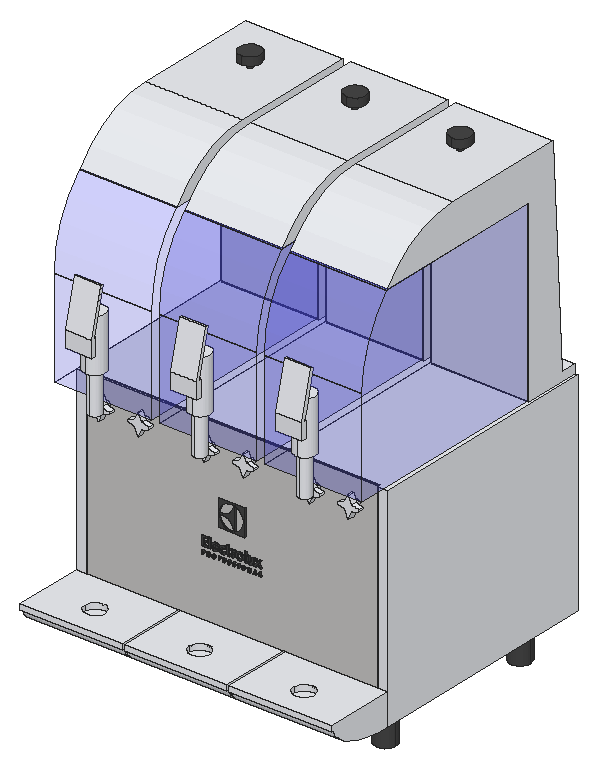
Revit family "QF_ELECTROLUXPROFESSIONAL_562507_IPRO3MR290", category Attrezzature speciali, Revit 2020
Family settings
  Quota connettore circolare = Usa diametro
  Tipo di parte = Normale
  Basato su piano di lavoro = No
  Sempre verticale = Sì
  Taglio con vuoti quando caricato = No
  Condiviso = No
  Punto di calcolo locali = No
Parameters (values of type "Standard")
  Weight = 81.00 kg
  Watts = 1360 W
  Volts = 220 V
  URL Manufacturer = "https://www.electroluxprofessional.com/"
  URL = "https://www.electroluxprofessional.com/"
  Steam Supply Size = 0 mm
  Steam Supply Minimum Pressure = 0.0 Pa
  Steam Supply Maximum Pressure = 0.0 Pa
  Steam Consumption per Hour = 0
  Show Logo [instance] = yes
  Show Clearance [instance] = yes
  Refrigeration Suction Line Size = 0 mm
  Refrigeration Liquid Line Size = 0 mm
  Refrigerant Compressor Remote = yes
  Prospetto di default = 0 mm
  Produttore = "Electrolux Professional"
  Phase = 1
  Modello = "IPRO3MR290"
  Length Actual = 600 mm  # constant formula
  Item Number = "562507"
  Hot Water Size = 0 mm
  Height Actual = 870 mm  # constant formula
  HP = "1.8 HP"
  Gas Size = 0 mm
  Gas KW = 0
  Gas Input Pressure = 0 W
  Direct Waste Size = 0 mm
  Descrizione = "3X11 LT BOWL - FROZEN GRANITA DISPENSER - MECHANICAL CONTROL - 3 INSULATED BOWLS - WHITE, R290"
  Depth Actual = 580 mm  # constant formula
  Cycle = 50 Hz
  Condensate Return Size = 0 mm
  Compressed Air Volume = 0.0 L/s
  Compressed Air Size = 0 mm
  Compressed Air Pressure = 0.0 Pa
  Cold Water Size = 0 mm
  Accessory = yes
Reference planes
  plane 1: z = 0
  plane 2 "LEFT": x = -300
  plane 3 "BACK": y = 282.5
  plane 4 "FRONT": y = -301.5
  plane 5: z = 873
  plane 6 "RIGHT": x = 300
  plane 7: y = -282.5
  plane 8: z = 445
  plane 9: z = 677.97
  plane 10: z = 110
  plane 11: z = 900
  plane 12: x = -0.5
  plane 13: x = -0.5
Forms (mm)
  Extrusion 1, solid, material "QF_Finishes_White"
    sketch origin (0, 0, 0) x (1, 0, 0) y (0, 1, 0)
      loop
        line (-296.5, 282.5) -> (-296.5, -167.5) -> (-276.5, -167.5) -> (-276.5, -162.5) -> (276.5, -162.5) -> (276.5, -167.5) -> (296.5, -167.5) -> (296.5, 282.5) -> (-296.5, 282.5)
    from 50 to 453
  Extrusion 2, solid, material "QF_Finishes_Stainless Steel"
    sketch origin (0, 0, 0) x (1, 0, 0) y (0, 1, 0)
      loop
        line (276, -163) -> (-276, -163) -> (-276, -167.5) -> (276, -167.5) -> (276, -163)
    from 110 to 453
  Extrusion 3, solid, material "QF_Finishes_Stainless Steel"
    sketch origin (-151.596, -267.273, 48) x (0, -1, 0) y (1, 0, 0)
      loop
        line (-163.023, 407.596) -> (-163.023, 427.596) -> (-183.023, 427.596) -> (-183.023, 407.596) -> (-163.023, 407.596)
    from 0 to 2
Dimensions and locks
  plane 3 "BACK" to plane 4 "FRONT" = 584 mm  (x2)
  plane 5 to level = 873 mm  (x2)
  plane 2 "LEFT" to plane 6 "RIGHT" = 600 mm
  plane 3 "BACK" to plane 7 = 565 mm
  plane 9 to plane 8 = 232.97 mm
  level to plane 11 = 900 mm
  plane 10 to level = 110 mm
  plane 8 to plane 10 = 335 mm
  plane 6 "RIGHT" to plane 2 "LEFT" = 600 mm
  plane 2 "LEFT" to plane 12 = 299.5 mm
  plane 2 "LEFT" to plane 13 = 299.5 mm
  nested 5 to nested 9 = 200 mm
  nested 9 to nested 17 = 200 mm
  aligned and locked: level to plane 1
Nested families
  nested 1: "BOCCHETTONE BEVERAGE" at (-200.5, -260.625, 445), type "BOCCHETTONE BEVERAGE"
  nested 2: "MANOPOLA BEVERAGE" at (-238, -167.5, 413) x (0, 0, 1) z (0, -1, 0), type "MANOPOLA BEVERAGE"
  nested 3: "MANOPOLA BEVERAGE" at (-163, -167.5, 413) x (0, 0, 1) z (0, -1, 0), type "MANOPOLA BEVERAGE"
  nested 4: "MANOPOLA APERTURA BEVERAGE " at (-200.5, 125, 873) x (0, 1, 0) z (0, 0, 1), type "MANOPOLA APERTURA BEVERAGE "
  nested 5: "PORTAGRANITE BEVERAGE" at (-200.5, 28.972, 453), type "PORTAGRANITE BEVERAGE"
  nested 6: "VASCHETTA BEVERAGE" at (-199.25, -167.5, 80) x (1, 0, 0) z (0, -1, 0), type "VASCHETTA BEVERAGE"
  nested 7: "VASCHETTA BEVERAGE" at (-0.5, -167.5, 80) x (-1, 0, 0) z (0, -1, 0), type "VASCHETTA BEVERAGE"
  nested 8: "MANOPOLA APERTURA BEVERAGE " at (-0.5, 125, 873) x (0, 1, 0) z (0, 0, 1), type "MANOPOLA APERTURA BEVERAGE "
  nested 9: "PORTAGRANITE BEVERAGE" at (-0.5, 28.972, 453) x (-1, 0, 0) z (0, 0, 1), type "PORTAGRANITE BEVERAGE"
  nested 10: "BOCCHETTONE BEVERAGE" at (-0.5, -260.625, 445), type "BOCCHETTONE BEVERAGE"
  nested 11: "MANOPOLA BEVERAGE" at (-38, -167.5, 413) x (0, 0, 1) z (0, -1, 0), type "MANOPOLA BEVERAGE"
  nested 12: "MANOPOLA BEVERAGE" at (37, -167.5, 413) x (0, 0, 1) z (0, -1, 0), type "MANOPOLA BEVERAGE"
  nested 13: "BOCCHETTONE BEVERAGE" at (199.5, -260.625, 445) x (-1, 0, 0) z (0, 0, 1), type "BOCCHETTONE BEVERAGE"
  nested 14: "MANOPOLA BEVERAGE" at (237, -167.5, 413) x (0, 0, 1) z (0, -1, 0), type "MANOPOLA BEVERAGE"
  nested 15: "MANOPOLA BEVERAGE" at (162, -167.5, 413) x (0, 0, 1) z (0, -1, 0), type "MANOPOLA BEVERAGE"
  nested 16: "MANOPOLA APERTURA BEVERAGE " at (199.5, 125, 873) x (0, 1, 0) z (0, 0, 1), type "MANOPOLA APERTURA BEVERAGE "
  nested 17: "PORTAGRANITE BEVERAGE" at (199.5, 28.972, 453) x (-1, 0, 0) z (0, 0, 1), type "PORTAGRANITE BEVERAGE"
  nested 18: "VASCHETTA BEVERAGE" at (198.25, -167.5, 80) x (-1, 0, 0) z (0, -1, 0), type "VASCHETTA BEVERAGE"
  nested 19: "ELXP_LOGO_ONLY_MEDIUM" at (-0.5, -167.5, 303) x (1, 0, 0) z (0, -1, 0), Show Logo <- "Show Logo", visible <- "Show Logo", type "ELXP_LOGO_ONLY_MEDIUM"
    with Show Logo yes
  nested 20: "ELX_LOGO_WORDS_MEDIUM" at (-0.5, -167.5, 238) x (1, 0, 0) z (0, -1, 0), visible <- "Show Logo", Show Logo <- "Show Logo", type "ELX_LOGO_WORDS_MEDIUM"
    with Show Logo yes
  nested 21: "Piedino 50x40 BEVERAGE" at (-266, 184.5, 0), type "Piedino 50x40 BEVERAGE"
    with H 150 mm
  nested 22: "Piedino 50x40 BEVERAGE" at (-266, -135.5, 0), type "Piedino 50x40 BEVERAGE"
    with H 150 mm
  nested 23: "Piedino 50x40 BEVERAGE" at (266, 184.5, 0), type "Piedino 50x40 BEVERAGE"
    with H 150 mm
  nested 24: "Piedino 50x40 BEVERAGE" at (266, -135.5, 0), type "Piedino 50x40 BEVERAGE"
    with H 150 mm
Connectors
  electrical at (266, -94.25, 48), driven by "Volts"
    settings: on Extrusion 3, index 73, voltage 220 V, apparent load 0 VA, apparent load phase1 0 VA, apparent load phase2 0 VA, apparent load phase3 0 VA, power factor 1, load classification "Altro", number of poles 1, system type 30, power factor state 1, is connector primary yes, connector utility no, sub classification motor no, connector description "Electrical Connection"
Definition of nested family "BOCCHETTONE BEVERAGE"
  Parameters (values of type "BOCCHETTONE BEVERAGE")
    Default Elevation = 1219.2 mm
  Reference planes
    plane 1 "Centro (Fronte/Retro)": y = 0
    plane 2: z = 0
    plane 3 "Centro (Sinistra/Destra)": x = 0
    plane 4: z = 233
    plane 5: y = -22
  Forms (mm)
    Extrusion 1, solid
      sketch origin (0, 0, 0) x (1, 0, 0) y (0, 1, 0)
        loop
          line (-1219.2, 1219.2) -> (-1219.2, -1219.2) -> (1219.2, -1219.2) -> (1219.2, 1219.2) -> (-1219.2, 1219.2)
      from 0 to -304.8
    Extrusion 2, solid
      sketch origin (0, 15.961, 0) x (0, -1, 0) y (1, 0, 0)
        loop
          circle (0, 0) r 12
      from 0 to 75
    Extrusion 3, solid
      sketch origin (0, 15.961, 75) x (0, -1, 0) y (1, 0, 0)
        loop
          circle (0, 0) r 20
      from 0 to 100
    Extrusion 4, void
      sketch origin (0, 0, 0) x (1, 0, 0) y (0, 1, 0)
        loop
          line (-27.179, -16.141) -> (-21.226, -10.188) -> (-6.226, -10.188) -> (-6.226, 12.684) -> (-27.179, 12.684) -> (-27.179, -16.141)
        loop
          line (27.179, -16.141) -> (27.179, 12.684) -> (6.226, 12.684) -> (6.226, -10.188) -> (21.226, -10.188) -> (27.179, -16.141)
      from 104.337 to 159.894
    Extrusion 5, solid
      sketch origin (25, 15.961, 29.221) x (0, -1, 0) y (0, 0, 1)
        loop
          line (11.922, 118.779) -> (11.922, 88.779) -> (37.961, 88.779) -> (37.961, 119.393) -> (16.929, 203.749) -> (12.077, 202.539) -> (32.961, 118.779) -> (11.922, 118.779)
      from 0 to 50
  Cuts and joins
    Extrusion 4 cuts Extrusion 5
    joined: Extrusion 3, Extrusion 5
  Dimensions and locks
    Extrusion 1 to plane 4 = 233 mm
    aligned and locked: plane 2 to Extrusion 1
    aligned and locked: level to Extrusion 1
Definition of nested family "MANOPOLA BEVERAGE"
  Parameters (values of type "MANOPOLA BEVERAGE")
    Default Elevation = 1219.2 mm
  Reference planes
    plane 1 "Centro (Fronte/Retro)": y = 0
    plane 2: z = 0
    plane 3 "Centro (Sinistra/Destra)": x = 0
    plane 4: z = 20
  Forms (mm)
    Extrusion 1, solid
      sketch origin (0, 0, 0) x (1, 0, 0) y (0, 1, 0)
        loop
          line (-1219.2, 1219.2) -> (-1219.2, -1219.2) -> (1219.2, -1219.2) -> (1219.2, 1219.2) -> (-1219.2, 1219.2)
      from 0 to -304.8
    Extrusion 2, solid
      sketch origin (0, 0, 10) x (1, 0, 0) y (0, 1, 0)
        loop
          line (-20, -1.333) -> (-6.314, -6.314) -> (-1.333, -20) -> (1.333, -20) -> (6.314, -6.314) -> (20, -1.333) -> (20, 1.333) -> (6.314, 6.314) -> (1.333, 20) -> (-1.333, 20) -> (-6.314, 6.314) -> (-20, 1.333) -> (-20, -1.333)
      from 0 to 10
    Extrusion 3, solid
      sketch origin (0, 0, 0) x (1, 0, 0) y (0, 1, 0)
        loop
          circle (0, 0) r 5
      from 0 to 10
  Dimensions and locks
    aligned and locked: plane 2 to Extrusion 1
    aligned and locked: level to Extrusion 1
Definition of nested family "MANOPOLA APERTURA BEVERAGE "
  Parameters (values of type "MANOPOLA APERTURA BEVERAGE ")
    Default Elevation = 1219.2 mm
  Reference planes
    plane 1 "Centro (Fronte/Retro)": y = 0
    plane 2: z = 0
    plane 3 "Centro (Sinistra/Destra)": x = 0
    plane 4: z = 27
  Forms (mm)
    Extrusion 1, solid
      sketch origin (0, 0, 0) x (1, 0, 0) y (0, 1, 0)
        loop
          line (-1219.2, 1219.2) -> (-1219.2, -1219.2) -> (1219.2, -1219.2) -> (1219.2, 1219.2) -> (-1219.2, 1219.2)
      from 0 to -304.8
    Extrusion 2, solid
      sketch origin (0, 0, 0) x (1, 0, 0) y (0, 1, 0)
        loop
          circle (0, 0) r 5
      from 0 to 12
    Extrusion 3, solid
      sketch origin (0, 0, 12) x (1, 0, 0) y (0, 1, 0)
        loop
          circle (0, 0) r 20
      from 0 to 15
  Dimensions and locks
    Extrusion 1 to plane 4 = 27 mm
    aligned and locked: plane 2 to Extrusion 1
    aligned and locked: level to Extrusion 1
Definition of nested family "PORTAGRANITE BEVERAGE"
  Parameters (values of type "PORTAGRANITE BEVERAGE")
    Default Elevation = 1219.2 mm
  Reference planes
    plane 1 "Centro (Fronte/Retro)": y = 0
    plane 2: z = 0
    plane 3 "Centro (Sinistra/Destra)": x = 0
    plane 4: z = 233
    plane 5: y = -36.472
    plane 6: z = 338
  Forms (mm)
    Extrusion 1, solid
      sketch origin (0, 0, 0) x (1, 0, 0) y (0, 1, 0)
        loop
          line (-1219.2, 1219.2) -> (-1219.2, -1219.2) -> (1219.2, -1219.2) -> (1219.2, 1219.2) -> (-1219.2, 1219.2)
      from 0 to -304.8
    Extrusion 2, solid
      sketch origin (-92.5, -28.972, -376) x (0, 1, 0) y (0, 0, 1)
        loop
          line (172.5, 716) -> (172.5, 376) -> (282.5, 376) -> (282.5, 393) -> (251.241, 393) -> (230.12, 796) -> (-7.5, 796)
          arc (-7.5, 796) -> (-94.678, 774.819) -> (-162.419, 716) r 190
          line (-162.419, 716) -> (172.5, 716)
      from 0 to 185
    Extrusion 3, solid
      sketch origin (-100, -28.972, -376) x (0, 1, 0) y (0, 0, 1)
        loop
          line (170.5, 378) -> (170.5, 714) -> (-164.355, 714)
          arc (-164.355, 714) -> (-209.023, 644.734) -> (-224.664, 563.812) r 217.164
          line (-224.664, 563.812) -> (-224.664, 378) -> (170.5, 378)
      from 7.5 to 192.5
  Dimensions and locks
    Extrusion 1 to plane 4 = 233 mm
    aligned and locked: plane 2 to Extrusion 1
    aligned and locked: level to Extrusion 1
Definition of nested family "VASCHETTA BEVERAGE"
  Parameters (values of type "VASCHETTA BEVERAGE")
    Default Elevation = 1219.2 mm
  Reference planes
    plane 1 "Centro (Fronte/Retro)": y = 0
    plane 2: z = 0
    plane 3 "Centro (Sinistra/Destra)": x = 0
  Forms (mm)
    Extrusion 1, solid
      sketch origin (0, 0, 0) x (1, 0, 0) y (0, 1, 0)
        loop
          line (-1219.2, 1219.2) -> (-1219.2, -1219.2) -> (1219.2, -1219.2) -> (1219.2, 1219.2) -> (-1219.2, 1219.2)
      from 0 to -304.8
    Extrusion 2, solid
      sketch origin (-97.5, -80, -167.5) x (0, 0, -1) y (0, 1, 0)
        loop
          line (-167.5, 110) -> (-301.5, 110) -> (-301.5, 100) -> (-296.403, 100)
          spline (-296.403, 100) -> (-294.717, 93.399) -> (-290.961, 86.937) -> (-285.195, 80.722) -> (-277.513, 74.853) -> (-268.041, 69.426) -> (-256.932, 64.529) -> (-244.367, 60.243) -> (-230.551, 56.637) -> (-215.709, 53.769) -> (-200.082, 51.686) -> (-183.925, 50.423) -> (-167.5, 50)
          line (-167.5, 50) -> (-167.5, 110)
      from 0 to 195
    Extrusion 3, void
      sketch origin (202.5, -80, -167.5) x (1, 0, 0) y (0, 0, -1)
        loop
          circle (-202.5, -244.664) r 20
      from 100 to 110
  Cuts and joins
    Extrusion 3 cuts Extrusion 2
  Dimensions and locks
    aligned and locked: plane 2 to Extrusion 1
    aligned and locked: level to Extrusion 1
Definition of nested family "ELXP_LOGO_ONLY_MEDIUM"
  Parameters (values of type "ELXP_LOGO_ONLY_MEDIUM")
    Show Logo [instance] = yes
    Default Elevation = 0 mm
  Reference planes
    plane 1 "Centro (Fronte/Retro)": y = 0
    plane 2: z = 0
    plane 3 "Centro (Sinistra/Destra)": x = 0
  Forms (mm)
    Extrusion 1, solid
      sketch origin (0, 0, 0) x (1, 0, 0) y (0, 1, 0)
        loop
          line (-1219.2, 1219.2) -> (-1219.2, -1219.2) -> (1219.2, -1219.2) -> (1219.2, 1219.2) -> (-1219.2, 1219.2)
      from 0 to -304.8
    Extrusion 2, solid, visible <- "Show Logo"
      sketch origin (15.862, -72.798, 0) x (1, 0, 0) y (0, 1, 0)
        loop
          line (-40.901, 47.952) -> (9.138, 47.952) -> (9.138, 97.923) -> (-40.901, 97.923) -> (-40.901, 47.952)
        loop
          line (-9.2, 95.47) -> (-9.2, 50.507)
          arc (-9.2, 50.507) -> (7.421, 72.988) -> (-9.2, 95.47) r 23.515
        loop
          line (-11.486, 92.214) -> (-11.486, 95.47)
          arc (-11.486, 95.47) -> (-30.185, 91.22) -> (-39.194, 74.292) r 23.044
          line (-39.194, 74.292) -> (-31.756, 74.292)
          arc (-31.756, 74.292) -> (-18.467, 79.686) -> (-11.486, 92.214) r 21.599
        loop
          arc (-39.194, 71.685) -> (-30.2, 54.618) -> (-11.486, 49.93) r 23.647
          line (-11.486, 49.93) -> (-11.486, 53.763)
          arc (-11.486, 53.763) -> (-18.467, 66.291) -> (-31.756, 71.685) r 21.599
          line (-31.756, 71.685) -> (-39.194, 71.685)
      from 0 to 1.644
  Dimensions and locks
    aligned and locked: plane 2 to Extrusion 1
    aligned and locked: level to Extrusion 1
Definition of nested family "ELX_LOGO_WORDS_MEDIUM"
  Parameters (values of type "ELX_LOGO_WORDS_MEDIUM")
    Show Logo [instance] = yes
    Default Elevation = 0 mm
  Reference planes
    plane 1 "Centro (Fronte/Retro)": y = 0
    plane 2: z = 0
    plane 3 "Centro (Sinistra/Destra)": x = 0
  Forms (mm)
    Extrusion 1, solid
      sketch origin (0, 0, 0) x (1, 0, 0) y (0, 1, 0)
        loop
          line (-1219.2, 1219.2) -> (-1219.2, -1219.2) -> (1219.2, -1219.2) -> (1219.2, 1219.2) -> (-1219.2, 1219.2)
      from 0 to -304.8
    Extrusion 2, solid, visible <- "Show Logo"
      sketch origin (0, 0, 0) x (1, 0, 0) y (0, 1, 0)
        loop
          line (-45.351, 15.842) -> (-56.505, 15.842) -> (-56.505, 2.853)
          arc (-56.505, 2.853) -> (-55.037, -0.691) -> (-51.493, -2.159) r 5.012
          line (-51.493, -2.159) -> (-45.135, -2.159) -> (-45.135, 0.755) -> (-50.767, 0.755)
          arc (-50.767, 0.755) -> (-52.618, 1.38) -> (-53.406, 3.168) r 2.423
          line (-53.406, 3.168) -> (-53.406, 5.743) -> (-45.833, 5.743) -> (-45.833, 8.668) -> (-53.406, 8.668) -> (-53.406, 12.925) -> (-45.351, 12.925) -> (-45.351, 15.842)
        loop
          line (-42.933, 15.842) -> (-42.933, -2.159) -> (-39.832, -2.159) -> (-39.832, 15.842) -> (-42.933, 15.842)
        loop
          line (24.405, 15.842) -> (24.405, -2.159) -> (27.508, -2.159) -> (27.508, 15.842) -> (24.405, 15.842)
        loop
          line (-34.705, 3.589) -> (-24.531, 3.589)
          arc (-24.531, 3.589) -> (-26.123, 9.178) -> (-31.565, 11.217) r 6.447
          arc (-31.565, 11.217) -> (-36.358, 8.786) -> (-37.726, 3.589) r 6.56
          arc (-37.726, 3.589) -> (-35.926, -0.757) -> (-31.58, -2.557) r 6.146
          arc (-31.58, -2.557) -> (-28.198, -2.058) -> (-25.362, -0.149) r 7.726
          line (-25.362, -0.149) -> (-27.199, 1.688)
          arc (-27.199, 1.688) -> (-29.61, 0.242) -> (-32.411, 0.485) r 4.558
          arc (-32.411, 0.485) -> (-34.119, 1.622) -> (-34.705, 3.589) r 3.019
        loop
          line (-34.628, 5.769) -> (-27.646, 5.769)
          arc (-27.646, 5.769) -> (-28.626, 7.83) -> (-30.779, 8.59) r 2.974
          arc (-30.779, 8.59) -> (-33.263, 7.943) -> (-34.628, 5.769) r 3.481
        loop
          line (-12.445, 7.067) -> (-10.499, 9.013)
          arc (-10.499, 9.013) -> (-12.94, 10.78) -> (-15.907, 11.309) r 6.746
          arc (-15.907, 11.309) -> (-20.432, 9.655) -> (-22.806, 5.463) r 6.977
          arc (-22.806, 5.463) -> (-18.803, -1.885) -> (-10.608, -0.191) r 7.026
          line (-10.608, -0.191) -> (-12.544, 1.745)
          arc (-12.544, 1.745) -> (-16.723, 0.362) -> (-19.717, 3.589) r 4.071
          arc (-19.717, 3.589) -> (-19.509, 6.14) -> (-17.752, 8.002) r 3.867
          arc (-17.752, 8.002) -> (-14.941, 8.431) -> (-12.445, 7.067) r 4.442
        loop
          line (-8.594, 15.842) -> (-8.594, 3.541)
          arc (-8.594, 3.541) -> (-8.326, 1.695) -> (-7.635, -0.038) r 7.951
          arc (-7.635, -0.038) -> (-5.422, -1.797) -> (-2.62, -2.167) r 5.297
          line (-2.62, -2.167) -> (-2.62, 0.738)
          arc (-2.62, 0.738) -> (-3.453, 0.802) -> (-4.23, 1.109) r 2.792
          arc (-4.23, 1.109) -> (-5.227, 2.163) -> (-5.494, 3.589) r 2.57
          line (-5.494, 3.589) -> (-5.494, 8.043) -> (-2.678, 8.043) -> (-2.678, 10.86) -> (-5.494, 10.86) -> (-5.494, 15.842) -> (-8.594, 15.842)
        loop
          arc (3.006, 4.684) -> (3.228, 5.982) -> (3.868, 7.133) r 3.911
          arc (3.868, 7.133) -> (5.725, 8.086) -> (7.812, 8.043) r 4.26
          line (7.812, 8.043) -> (7.812, 11.023)
          arc (7.812, 11.023) -> (5.085, 10.766) -> (3.006, 8.983) r 4.524
          line (3.006, 8.983) -> (3.006, 10.86) -> (-0.069, 10.86) -> (-0.069, -2.159) -> (3.006, -2.159) -> (3.006, 4.684)
        loop
          circle (15.393, 4.348) r 6.899
        loop
          circle (15.393, 4.348) r 4.181
        loop
          arc (38.69, 3.262) -> (37.924, 1.158) -> (35.848, 0.319) r 2.752
          arc (35.848, 0.319) -> (33.771, 1.158) -> (33.005, 3.262) r 2.752
          line (33.005, 3.262) -> (33.005, 10.859) -> (29.879, 10.859) -> (29.879, 3.004)
          arc (29.879, 3.004) -> (31.658, -1.052) -> (35.848, -2.489) r 5.512
          arc (35.848, -2.489) -> (40.084, -1.008) -> (41.815, 3.132) r 5.512
          line (41.815, 3.132) -> (41.815, 10.859) -> (38.69, 10.859) -> (38.69, 3.262)
        loop
          line (43.689, 10.859) -> (48.192, 4.746) -> (43.245, -2.164) -> (46.578, -2.164) -> (49.861, 2.422) -> (53.193, -2.164) -> (56.505, -2.164) -> (51.629, 4.817) -> (56.087, 10.859) -> (52.703, 10.859) -> (49.851, 6.995) -> (47.043, 10.859) -> (43.689, 10.859)
        loop
          line (-53.813, -9.621) -> (-56.285, -9.621) -> (-56.285, -15.847) -> (-54.932, -15.847) -> (-54.932, -13.703) -> (-53.437, -13.703)
          arc (-53.437, -13.703) -> (-51.764, -11.49) -> (-53.813, -9.621) r 2.058
        loop
          arc (-53.496, -12.48) -> (-52.984, -11.679) -> (-53.496, -10.879) r 0.881
          line (-53.496, -10.879) -> (-54.932, -10.879) -> (-54.932, -12.48) -> (-53.496, -12.48)
        loop
          line (-44.045, -9.621) -> (-46.56, -9.621) -> (-46.56, -15.847) -> (-45.207, -15.847) -> (-45.207, -13.703) -> (-43.898, -13.703) -> (-43.003, -15.847) -> (-41.55, -15.847) -> (-42.774, -13.222)
          arc (-42.774, -13.222) -> (-42.188, -12.521) -> (-41.991, -11.628) r 1.922
          arc (-41.991, -11.628) -> (-42.609, -10.206) -> (-44.045, -9.621) r 2.055
        loop
          line (-45.207, -10.879) -> (-45.207, -12.48) -> (-43.771, -12.48)
          arc (-43.771, -12.48) -> (-43.258, -11.679) -> (-43.771, -10.879) r 0.881
          line (-43.771, -10.879) -> (-45.207, -10.879)
        loop
          circle (-33.602, -12.734) r 3.233
        loop
          circle (-33.602, -12.734) r 2.052
        loop
          line (-25.054, -9.622) -> (-25.054, -15.847) -> (-23.734, -15.847) -> (-23.734, -13.671) -> (-21.392, -13.671) -> (-21.392, -12.276) -> (-23.734, -12.276) -> (-23.734, -10.963) -> (-21.167, -10.963) -> (-21.167, -9.622) -> (-25.054, -9.622)
        loop
          line (-15.917, -9.622) -> (-15.917, -13.825)
          arc (-15.917, -13.825) -> (-15.343, -15.249) -> (-13.926, -15.842) r 1.991
          line (-13.926, -15.842) -> (-11.917, -15.842) -> (-11.917, -14.666) -> (-13.806, -14.666)
          arc (-13.806, -14.666) -> (-14.501, -14.091) -> (-14.638, -13.198) r 1.267
          line (-14.638, -13.198) -> (-12.15, -13.198) -> (-12.15, -12.023) -> (-14.638, -12.023) -> (-14.638, -10.797) -> (-11.977, -10.797) -> (-11.977, -9.622) -> (-15.917, -9.622)
        loop
          arc (6.626, -10.41) -> (5.801, -9.733) -> (4.757, -9.518) r 2.228
          arc (4.757, -9.518) -> (3.792, -9.755) -> (2.999, -10.352) r 2.468
          arc (2.999, -10.352) -> (2.853, -11.766) -> (3.765, -12.856) r 1.825
          arc (3.765, -12.856) -> (4.531, -13.112) -> (5.259, -13.464) r 6.301
          arc (5.259, -13.464) -> (5.719, -14.005) -> (5.402, -14.641) r 0.645
          arc (5.402, -14.641) -> (4.814, -14.78) -> (4.228, -14.631) r 1.269
          arc (4.228, -14.631) -> (3.722, -14.266) -> (3.412, -13.725) r 1.474
          line (3.412, -13.725) -> (2.324, -14.233)
          arc (2.324, -14.233) -> (2.716, -14.99) -> (3.348, -15.561) r 2.393
          arc (3.348, -15.561) -> (4.065, -15.867) -> (4.841, -15.945) r 2.579
          arc (4.841, -15.945) -> (5.8, -15.754) -> (6.664, -15.295) r 3.369
          arc (6.664, -15.295) -> (7.045, -14.28) -> (6.848, -13.214) r 2.023
          arc (6.848, -13.214) -> (6.423, -12.723) -> (5.879, -12.368) r 2.346
          arc (5.879, -12.368) -> (5.19, -12.061) -> (4.485, -11.796) r 12.353
          arc (4.485, -11.796) -> (4.077, -11.162) -> (4.666, -10.692) r 0.562
          arc (4.666, -10.692) -> (5.372, -10.862) -> (5.915, -11.344) r 1.497
          line (5.915, -11.344) -> (6.626, -10.41)
        loop
          line (12.337, -9.622) -> (12.337, -15.842) -> (13.616, -15.842) -> (13.616, -9.622) -> (12.337, -9.622)
        loop
          circle (22.24, -12.732) r 1.935
        loop
          circle (22.24, -12.732) r 3.231
        loop
          line (30.821, -15.842) -> (32.114, -15.842) -> (32.114, -11.931) -> (34.96, -15.842) -> (36.203, -15.842) -> (36.203, -9.622) -> (34.911, -9.622) -> (34.911, -13.651) -> (32.065, -9.622) -> (30.821, -9.622) -> (30.821, -15.842)
        loop
          line (42.652, -15.842) -> (43.258, -14.5) -> (45.559, -14.5) -> (46.165, -15.842) -> (47.54, -15.842) -> (44.912, -9.622) -> (43.712, -9.622) -> (41.279, -15.842) -> (42.652, -15.842)
        loop
          line (44.985, -13.224) -> (44.369, -11.857) -> (43.77, -13.224) -> (44.985, -13.224)
        loop
          line (53.893, -14.666) -> (53.893, -9.622) -> (52.614, -9.622) -> (52.614, -15.842) -> (56.285, -15.842) -> (56.285, -14.666) -> (53.893, -14.666)
        loop
          arc (-2.701, -10.41) -> (-3.525, -9.733) -> (-4.57, -9.518) r 2.228
          arc (-4.57, -9.518) -> (-5.534, -9.755) -> (-6.327, -10.352) r 2.468
          arc (-6.327, -10.352) -> (-6.473, -11.766) -> (-5.562, -12.856) r 1.825
          arc (-5.562, -12.856) -> (-4.795, -13.112) -> (-4.067, -13.464) r 6.301
          arc (-4.067, -13.464) -> (-3.608, -14.005) -> (-3.924, -14.641) r 0.645
          arc (-3.924, -14.641) -> (-4.512, -14.78) -> (-5.098, -14.631) r 1.269
          arc (-5.098, -14.631) -> (-5.604, -14.266) -> (-5.914, -13.725) r 1.474
          line (-5.914, -13.725) -> (-7.002, -14.233)
          arc (-7.002, -14.233) -> (-6.61, -14.99) -> (-5.978, -15.561) r 2.393
          arc (-5.978, -15.561) -> (-5.261, -15.867) -> (-4.485, -15.945) r 2.579
          arc (-4.485, -15.945) -> (-3.526, -15.754) -> (-2.663, -15.295) r 3.369
          arc (-2.663, -15.295) -> (-2.281, -14.28) -> (-2.478, -13.214) r 2.023
          arc (-2.478, -13.214) -> (-2.903, -12.723) -> (-3.448, -12.368) r 2.346
          arc (-3.448, -12.368) -> (-4.136, -12.061) -> (-4.842, -11.796) r 12.353
          arc (-4.842, -11.796) -> (-5.249, -11.162) -> (-4.66, -10.692) r 0.562
          arc (-4.66, -10.692) -> (-3.954, -10.862) -> (-3.412, -11.344) r 1.497
          line (-3.412, -11.344) -> (-2.701, -10.41)
      from 0 to 1.644
  Dimensions and locks
    aligned and locked: plane 2 to Extrusion 1
    aligned and locked: level to Extrusion 1
Definition of nested family "Piedino 50x40 BEVERAGE"
  Parameters (values of type "Piedino 50x40 BEVERAGE")
    Default Elevation = 0 mm
    H [instance] = 150 mm
  Reference planes
    plane 1 "Centro (Fronte/Retro)": y = 0
    plane 2: z = 0
    plane 3 "Centro (Sinistra/Destra)": x = 0
  Forms (mm)
    Revolve 1, solid
      sketch origin (55, 0, 0) x (-1, 0, 0) y (0, 0, -1)
        loop
          line (55, 0) -> (35, 0) -> (35, -50) -> (55, -50) -> (55, 0)
        axis (55, 0) -> (55, -50)
      angle from 0 to 360
  Dimensions and locks
    aligned and locked: level to plane 2
